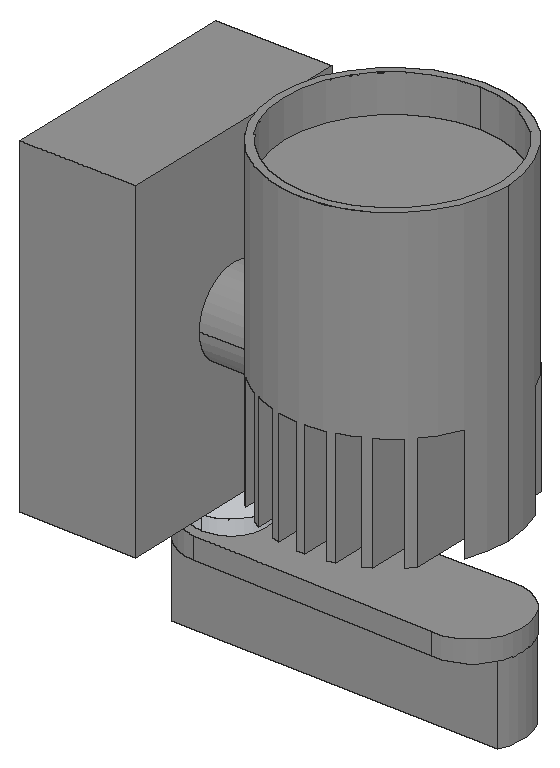
Revit family "2059777 Sylvania Lighting Fixture BEACON MUSE Xicato 3500K O B DIM LS3 White", category Lighting Fixtures, host Face, Revit 2016
Family settings
  Host = Face
  Part Type = Normal
  Round Connector Dimension = Use Diameter
  OmniClass Number = 23.80.70.00
  OmniClass Title = Lighting
  Cut with Voids When Loaded = No
  Light Source = Yes
  Shared = No
  Room Calculation Point = No
Parameters (values of type "2059777 BEACON MUSE XICATO 3500K O/B LS3 WHT")
  head from driver = 52 mm
  driver head distance = 15 mm
  ceiling drop = 180 mm
  Weight = "n/a"
  Wattage Comments = ""
  Wattage = 0 W
  WarrantyStartDate [instance] = "n/a"
  WarrantyGuarantorParts = ""
  WarrantyDurationUnit = "http://www.sylvania-lighting.com"
  WarrantyDurationParts = "n/a"
  WarrantyDescription = "0.95"
  built-in parameter 1150110 = 1 (stored number, unit not read)
  Voltage = 0 V
  URL = "\\\\svlondc02\\data\\R&D_Fixtures_General\\Dialux Admin\\Michael H\\Bim\\All ranges Feilo\\not Completed\\Beacon Xicato\\Beacon Muse Xicato\\2059777.ies"
  TypeName = "BEACON MUSE Xicato 3500K O/B DIM LS3 White"
  Type Image = <None>
  Type Comments = "n/a"
  built-in parameter 1114217 = 1 (stored number, unit not read)
  Tilt Angle = 90.00°
  built-in parameter 1150109 = 1 (stored number, unit not read)
  built-in parameter 1150134 = 3
  built-in parameter 1150113 = 1 (stored number, unit not read)
  SerialNumber [instance] = "n/a"
  Photometric Web File = "2059777.ies"
  Material_3_FEILO = none
  PowerFactor = 0
  PowerConsumption = "0"
  NominalLength = 0 mm
  NominalHeight = 0 mm
  NominalDepth = 0 mm
  Name = "BEACON MUSE Xicato 3500K O/B DIM LS3 White"
  ModelReference = Name  # "BEACON MUSE Xicato 3500K O/B DIM LS3 White"
  ModelNumber = "2059777"
  Model = Name  # "BEACON MUSE Xicato 3500K O/B DIM LS3 White"
  Material = ""
  ManufacturerName = ""
  Manufacturer = ""
  LuminousEfficacy = "100"
  built-in parameter 1150105 = (empty or 0)
  Lumens = 0 lm
  LuminaireType = "369/641 lm"
  built-in parameter 1150115 = 1 (stored number, unit not read)
  Lighting Material = none
  LightOutputRatio = "3"
  built-in parameter 1150137 = (empty or 0)
  built-in parameter 1150139 = (empty or 0)
  Light = none
  LampsType = Lamp  # "n/a"
  LampNominalLuminous = "LED"
  LampMacAdamStep = "16500"
  LampColourTemperature = "n/a"
  LampColourRenderingIndex = "n/a"
  built-in parameter 1150112 = 1 (stored number, unit not read)
  built-in parameter 1150114 = 1 (stored number, unit not read)
  Lamp = "n/a"
  Keynote = "0"
  InstallationDate [instance] = "n/a"
  InputVoltage = "IP20"
  InputNominalFrequency = "IK02"
  built-in parameter 1150132 = (empty or 0)
  built-in parameter 1150102 = (empty or 0)
  built-in parameter 1150107 = 3200 (stored number, unit not read)
  built-in parameter 1150138 = (empty or 0)
  IngressProtection = ""
  ImpactProtectionIndex = "Class II"
  built-in parameter 1150106 = (empty or 0)
  IfcExportType = "IfcLightFixtureType"
  IfcExportAs = "33"
  Head Length [instance] = 142 mm
  ExpectedLife = 50000
  Emit from Circle Diameter = 609.6 mm
  Emit Shape Visible in Rendering = no
  ElectricShockClassification = ""
  built-in parameter 1150104 = 13.8 (stored number, unit not read)
  DurationUnit = "hours"
  Driver Width = 85 mm
  DocumentationLiterature = "http://www.sylvania-lighting.com/product/en-int/products/2059777"
  DimmingControlOptions = "n/a"
  Material_2_FEILO = none
  Dimming Lamp Color Temperature Shift = <None>
  Diameter = 80 mm
  Description = "Integrated LED spotlight with Xicato Artist LED Module, white RAL 9016, unique soft-touch ring, adjustable beam angle from a 8° spot to a 55° flood, compact and minimalist design, ideal for museum, gallery and high-end retail applications, die-cast aluminium body, passive cooling heatsink, beam angle: 8° spot to 52° flood, optics: aspheric glass lens, colour temperature: 3500K warm white, total system power: 20W, total fixture output: 369/641lm, luminaire efficacy: 33lm/W, LOR: 100%, colour rendering: Ra 97 typical, LED Chromacity: 3 step MacAdam ellipse, lifetime: >50,000 hours at L70B50, energy class: A++, A+, A, IR/UV free light source without heat radiation, operating voltage: 220-240V / 50-60Hz, drive current: 700mA, electronic driver, dimmable via on-board potentiometer, power factor: 0.9 electrical protection: CLASS II, 3-circuit track adaptor, suitable for Concord Lytespan 3 track, ingress protection rating: IP20, suitable for internal environment only, horizontal rotation: 355°, vertical tilt: 90°, dimensions: Ø80x135x176mm, weight: 0.95kg"
  Default Elevation = 115 mm
  CreatedOn = "02/07/2019"
  CreatedBy = "@sylvania-lighting.com"
  Cost = 0
  Color Filter = 16777215
  built-in parameter 1114216 [instance] = (empty or 0)
  ClassificationValue = "EF_70_80"
  ClassificationName = "Uniclass2015"
  Material_1_FEILO = none
  BarCode [instance] = "n/a"
  built-in parameter 1114218 = 1 (stored number, unit not read)
  built-in parameter 1150133 = 10 (stored number, unit not read)
  AssetType = "Fixed"
  AssetIdentifier [instance] = "n/a"
  Assembly Code = "D5020200"
  Apparent Load = 20 VA
  Material_4_FEILO = none
  Adaptor Width = 34.952 mm
  Adaptor Pivot = 24.952 mm
  Adaptor Inside Width = 16.53 mm
Reference planes
  plane 1 "Center (Front/Back)": y = 0
  plane 2: z = 0
  plane 3 "Center (Left/Right)": x = 0
  plane 4: y = 40
  plane 5: y = -40
  plane 6: x = -40
  plane 7: x = 40
  plane 8: z = 148
  plane 9: z = -14
  plane 10: x = -72.5
  plane 11: x = -112.5
  plane 12: z = 76
  plane 13: y = 42.5
  plane 14: y = -42.5
  plane 15: y = 17.476
  plane 16: y = -17.476
  plane 17: y = 12.476
  plane 18: y = -12.476
  plane 19: y = 8.265
  plane 20: y = -8.265
  plane 21: z = 5.5
  plane 22: z = 38
  plane 23: x = 35
  plane 24: x = 28
  plane 25: x = 25.5
  plane 26: x = 18.5
  plane 27: x = 16
  plane 28: x = 9
  plane 29: x = 6.5
  plane 30: x = -0.5
  plane 31: x = -3
  plane 32: x = -10
  plane 33: x = -12.5
  plane 34: x = -19.5
  plane 35: x = -22
  plane 36: x = -29
  plane 37: x = -31.5
  plane 38: x = -38.5
Forms (mm)
  Extrusion 1, solid, material "Aluminum", detail levels medium+fine
    sketch origin (0, 0, 0) x (1, 0, 0) y (0, 1, 0)
      loop
        circle (0, 0) r 40
    from 38 to 148
  Extrusion 2, solid, material "Aluminum", detail levels medium+fine
    sketch origin (17.5, 0, 0) x (1, 0, 0) y (0, 1, 0)
      loop
        line (-112.5, 42.5) -> (-112.5, -42.16) -> (-72.5, -42.16) -> (-72.5, 42.5) -> (-112.5, 42.5)
    from 18 to 133
  Extrusion 3, solid, material "Aluminum"
    sketch origin (336.5, 1524, 1219.2) x (0, 1, 0) y (0, 0, 1)
      loop
        circle (-1524, -1143.2) r 15
    from -391.5 to -373.374
  Extrusion 4, solid, detail levels fine
    sketch origin (16.702, -15.316, 18) x (0, 1, 0) y (1, 0, 0)
      loop
        circle (15.34, -72.5) r 12.5
    from 0 to 5
  Extrusion 5, solid, material "Aluminum", detail levels fine
    sketch origin (15.705, -27.856, 13) x (-1, 0, 0) y (0, 1, 0)
      loop
        arc (-11.998, 45.379) -> (-29.497, 27.722) -> (-11.683, 10.382) r 17.5
        line (-11.683, 10.382) -> (71.502, 11.879)
        arc (71.502, 11.879) -> (87.502, 27.879) -> (71.502, 43.879) r 16
        line (71.502, 43.879) -> (-11.998, 45.379)
    from 0 to 7.5
  Extrusion 6, void
    sketch origin (0, 0, 148) x (0, 1, 0) y (1, 0, 0)
      loop
        circle (0, 0) r 37.5
    from 0 to 15
  Extrusion 7, solid, material "Aluminum", detail levels fine
    sketch origin (17.5, 0, 0) x (1, 0, 0) y (0, 1, 0)
      loop
        arc (-87.012, 8.265) -> (-89.298, 0) -> (-87.012, -8.265) r 16.086
        line (-87.012, -8.265) -> (25.615, -8.265)
        arc (25.615, -8.265) -> (27.702, 0) -> (25.615, 8.265) r 17.405
        line (25.615, 8.265) -> (-87.012, 8.265)
    from -21.5 to 5.5
  Extrusion 8, solid, not visible
    sketch origin (0, 0, 0) x (1, 0, 0) y (0, 1, 0)
      loop
        circle (0, 0) r 57.5
    from 48 to 180
  Extrusion 9, void, not visible
    sketch origin (0, 0, 48) x (1, 0, 0) y (0, 1, 0)
      loop
        line (43.7, -85.519) -> (53.7, -85.519) -> (53.7, 68.594) -> (43.7, 68.594) -> (43.7, -85.519)
      loop
        line (39.9, -85.519) -> (39.9, 68.594) -> (29.9, 68.594) -> (29.9, -85.519) -> (39.9, -85.519)
      loop
        line (26.1, -85.519) -> (26.1, 68.594) -> (16.1, 68.594) -> (16.1, -85.519) -> (26.1, -85.519)
      loop
        line (12.3, -85.519) -> (12.3, 68.594) -> (2.3, 68.594) -> (2.3, -85.519) -> (12.3, -85.519)
      loop
        line (-1.5, -85.519) -> (-1.5, 68.594) -> (-11.5, 68.594) -> (-11.5, -85.519) -> (-1.5, -85.519)
      loop
        line (-15.3, -85.519) -> (-15.3, 68.594) -> (-25.3, 68.594) -> (-25.3, -85.519) -> (-15.3, -85.519)
      loop
        line (-29.1, -85.519) -> (-29.1, 68.594) -> (-39.1, 68.594) -> (-39.1, -85.519) -> (-29.1, -85.519)
      loop
        line (-42.9, -85.519) -> (-42.9, 68.594) -> (-52.9, 68.594) -> (-52.9, -85.519) -> (-42.9, -85.519)
    from 0 to 60
  Extrusion 10, solid, not visible
    sketch origin (319, 1524, 1219.2) x (0, 1, 0) y (0, 0, 1)
      loop
        circle (-1524, -1143.2) r 15
    from -391.5 to -361.9
  Extrusion 11, void, not visible
    sketch origin (0, 0, 180) x (0, 1, 0) y (1, 0, 0)
      loop
        circle (0, 0) r 53
    from 0 to 15
  Extrusion 12, solid, not visible
    sketch origin (0, 0, 0) x (1, 0, 0) y (0, 1, 0)
      loop
        circle (0, 0) r 57.5
    from 48 to 180
  Extrusion 13, solid, not visible
    sketch origin (0, 0, 0) x (1, 0, 0) y (0, 1, 0)
      loop
        line (-112.5, 42.5) -> (-112.5, -42.16) -> (-72.5, -42.16) -> (-72.5, 42.5) -> (-112.5, 42.5)
    from 18 to 133
  Extrusion 14, void, not visible
    sketch origin (0, 0, 48) x (1, 0, 0) y (0, 1, 0)
      loop
        line (43.7, -85.519) -> (53.7, -85.519) -> (53.7, 68.594) -> (43.7, 68.594) -> (43.7, -85.519)
      loop
        line (39.9, -85.519) -> (39.9, 68.594) -> (29.9, 68.594) -> (29.9, -85.519) -> (39.9, -85.519)
      loop
        line (26.1, -85.519) -> (26.1, 68.594) -> (16.1, 68.594) -> (16.1, -85.519) -> (26.1, -85.519)
      loop
        line (12.3, -85.519) -> (12.3, 68.594) -> (2.3, 68.594) -> (2.3, -85.519) -> (12.3, -85.519)
      loop
        line (-1.5, -85.519) -> (-1.5, 68.594) -> (-11.5, 68.594) -> (-11.5, -85.519) -> (-1.5, -85.519)
      loop
        line (-15.3, -85.519) -> (-15.3, 68.594) -> (-25.3, 68.594) -> (-25.3, -85.519) -> (-15.3, -85.519)
      loop
        line (-29.1, -85.519) -> (-29.1, 68.594) -> (-39.1, 68.594) -> (-39.1, -85.519) -> (-29.1, -85.519)
      loop
        line (-42.9, -85.519) -> (-42.9, 68.594) -> (-52.9, 68.594) -> (-52.9, -85.519) -> (-42.9, -85.519)
    from 0 to 60
  Extrusion 15, solid, not visible
    sketch origin (319, 1524, 1219.2) x (0, 1, 0) y (0, 0, 1)
      loop
        circle (-1524, -1143.2) r 15
    from -391.5 to -361.9
  Extrusion 16, void, not visible
    sketch origin (0, 0, 180) x (0, 1, 0) y (1, 0, 0)
      loop
        circle (0, 0) r 53
    from 0 to 15
  Extrusion 17, solid, not visible
    sketch origin (0, 0, 0) x (1, 0, 0) y (0, 1, 0)
      loop
        circle (0, 0) r 57.5
    from 48 to 180
  Extrusion 18, solid, not visible
    sketch origin (0, 0, 0) x (1, 0, 0) y (0, 1, 0)
      loop
        line (-112.5, 42.5) -> (-112.5, -42.16) -> (-72.5, -42.16) -> (-72.5, 42.5) -> (-112.5, 42.5)
    from 18 to 133
  Extrusion 19, void, not visible
    sketch origin (0, 0, 48) x (1, 0, 0) y (0, 1, 0)
      loop
        line (43.7, -85.519) -> (53.7, -85.519) -> (53.7, 68.594) -> (43.7, 68.594) -> (43.7, -85.519)
      loop
        line (39.9, -85.519) -> (39.9, 68.594) -> (29.9, 68.594) -> (29.9, -85.519) -> (39.9, -85.519)
      loop
        line (26.1, -85.519) -> (26.1, 68.594) -> (16.1, 68.594) -> (16.1, -85.519) -> (26.1, -85.519)
      loop
        line (12.3, -85.519) -> (12.3, 68.594) -> (2.3, 68.594) -> (2.3, -85.519) -> (12.3, -85.519)
      loop
        line (-1.5, -85.519) -> (-1.5, 68.594) -> (-11.5, 68.594) -> (-11.5, -85.519) -> (-1.5, -85.519)
      loop
        line (-15.3, -85.519) -> (-15.3, 68.594) -> (-25.3, 68.594) -> (-25.3, -85.519) -> (-15.3, -85.519)
      loop
        line (-29.1, -85.519) -> (-29.1, 68.594) -> (-39.1, 68.594) -> (-39.1, -85.519) -> (-29.1, -85.519)
      loop
        line (-42.9, -85.519) -> (-42.9, 68.594) -> (-52.9, 68.594) -> (-52.9, -85.519) -> (-42.9, -85.519)
    from 0 to 60
  Extrusion 20, solid, not visible
    sketch origin (319, 1524, 1219.2) x (0, 1, 0) y (0, 0, 1)
      loop
        circle (-1524, -1143.2) r 15
    from -391.5 to -361.9
  Extrusion 21, solid, not visible
    sketch origin (-0.798, -15.316, 18) x (0, 1, 0) y (1, 0, 0)
      loop
        circle (15.34, -72.5) r 12.5
    from 0 to 5
  Extrusion 22, solid, not visible
    sketch origin (-1.795, -27.856, 13) x (-1, 0, 0) y (0, 1, 0)
      loop
        arc (-11.998, 45.379) -> (-29.497, 27.722) -> (-11.683, 10.382) r 17.5
        line (-11.683, 10.382) -> (71.502, 11.879)
        arc (71.502, 11.879) -> (87.502, 27.879) -> (71.502, 43.879) r 16
        line (71.502, 43.879) -> (-11.998, 45.379)
    from 0 to 7.5
  Extrusion 23, void, not visible
    sketch origin (0, 0, 180) x (0, 1, 0) y (1, 0, 0)
      loop
        circle (0, 0) r 53
    from 0 to 15
  Extrusion 24, solid, not visible
    sketch origin (0, 0, 0) x (1, 0, 0) y (0, 1, 0)
      loop
        circle (0, 0) r 57.5
    from 48 to 180
  Extrusion 25, solid, not visible
    sketch origin (0, 0, 0) x (1, 0, 0) y (0, 1, 0)
      loop
        line (-112.5, 42.5) -> (-112.5, -42.16) -> (-72.5, -42.16) -> (-72.5, 42.5) -> (-112.5, 42.5)
    from 18 to 133
  Extrusion 26, void, not visible
    sketch origin (0, 0, 48) x (1, 0, 0) y (0, 1, 0)
      loop
        line (43.7, -85.519) -> (53.7, -85.519) -> (53.7, 68.594) -> (43.7, 68.594) -> (43.7, -85.519)
      loop
        line (39.9, -85.519) -> (39.9, 68.594) -> (29.9, 68.594) -> (29.9, -85.519) -> (39.9, -85.519)
      loop
        line (26.1, -85.519) -> (26.1, 68.594) -> (16.1, 68.594) -> (16.1, -85.519) -> (26.1, -85.519)
      loop
        line (12.3, -85.519) -> (12.3, 68.594) -> (2.3, 68.594) -> (2.3, -85.519) -> (12.3, -85.519)
      loop
        line (-1.5, -85.519) -> (-1.5, 68.594) -> (-11.5, 68.594) -> (-11.5, -85.519) -> (-1.5, -85.519)
      loop
        line (-15.3, -85.519) -> (-15.3, 68.594) -> (-25.3, 68.594) -> (-25.3, -85.519) -> (-15.3, -85.519)
      loop
        line (-29.1, -85.519) -> (-29.1, 68.594) -> (-39.1, 68.594) -> (-39.1, -85.519) -> (-29.1, -85.519)
      loop
        line (-42.9, -85.519) -> (-42.9, 68.594) -> (-52.9, 68.594) -> (-52.9, -85.519) -> (-42.9, -85.519)
    from 0 to 60
  Extrusion 27, solid, not visible
    sketch origin (319, 1524, 1219.2) x (0, 1, 0) y (0, 0, 1)
      loop
        circle (-1524, -1143.2) r 15
    from -391.5 to -361.9
  Extrusion 28, solid, not visible
    sketch origin (-0.798, -15.316, 18) x (0, 1, 0) y (1, 0, 0)
      loop
        circle (15.34, -72.5) r 12.5
    from 0 to 5
  Extrusion 29, solid, not visible
    sketch origin (-1.795, -27.856, 13) x (-1, 0, 0) y (0, 1, 0)
      loop
        arc (-11.998, 45.379) -> (-29.497, 27.722) -> (-11.683, 10.382) r 17.5
        line (-11.683, 10.382) -> (71.502, 11.879)
        arc (71.502, 11.879) -> (87.502, 27.879) -> (71.502, 43.879) r 16
        line (71.502, 43.879) -> (-11.998, 45.379)
    from 0 to 7.5
  Extrusion 30, void, not visible
    sketch origin (0, 0, 180) x (0, 1, 0) y (1, 0, 0)
      loop
        circle (0, 0) r 53
    from 0 to 15
  Extrusion 31, solid, not visible
    sketch origin (0, 0, 0) x (1, 0, 0) y (0, 1, 0)
      loop
        arc (-87.012, 8.265) -> (-89.298, 0) -> (-87.012, -8.265) r 16.086
        line (-87.012, -8.265) -> (25.615, -8.265)
        arc (25.615, -8.265) -> (27.702, 0) -> (25.615, 8.265) r 17.405
        line (25.615, 8.265) -> (-87.012, 8.265)
    from -21.5 to 5.5
  Extrusion 32, solid, material "Glass, White, High Luminance", detail levels medium+fine
    sketch origin (0, 0, 133) x (0, 1, 0) y (-1, 0, 0)
      loop
        circle (0, 0) r 37.5
    from 0 to 2
  Extrusion 33, void
    sketch origin (2, 0, 38) x (1, 0, 0) y (0, 1, 0)
      loop
        line (35, 50.956) -> (28, 50.956) -> (28, -46.879) -> (35, -46.879) -> (35, 50.956)
      loop
        line (25.5, 50.956) -> (18.5, 50.956) -> (18.5, -46.879) -> (25.5, -46.879) -> (25.5, 50.956)
      loop
        line (9, 50.956) -> (9, -46.879) -> (16, -46.879) -> (16, 50.956) -> (9, 50.956)
      loop
        line (-0.316, 50.956) -> (-0.316, -46.879) -> (6.5, -46.879) -> (6.5, 50.956) -> (-0.316, 50.956)
      loop
        line (-10, 50.956) -> (-10, -46.879) -> (-3, -46.879) -> (-3, 50.956) -> (-10, 50.956)
      loop
        line (-19.5, 50.956) -> (-19.5, -46.879) -> (-12.5, -46.879) -> (-12.5, 50.956) -> (-19.5, 50.956)
      loop
        line (-29, 50.956) -> (-29, -46.879) -> (-22, -46.879) -> (-22, 50.956) -> (-29, 50.956)
      loop
        line (-38.5, 50.956) -> (-38.5, -46.879) -> (-31.5, -46.879) -> (-31.5, 50.956) -> (-38.5, 50.956)
    from 0 to 40
  Extrusion 34, solid, detail levels coarse
    sketch origin (0, 0, 148) x (1, 0, 0) y (0, 1, 0)
      loop
        line (-95, 42.5) -> (-95, -42.16) -> (45, -42.16) -> (45, 42.5) -> (-95, 42.5)
    from -169.5 to 0
Cuts and joins
  Extrusion 6, Extrusion 33 cuts Extrusion 1
Lines and regions (mm)
  reference lines
    curve 1: line (-55.798, 12.524, 13) -> (-55.798, -12.476, 13)
    curve 2: line (-43.298, -15.316, 13) -> (-68.298, -15.316, 13)
  reference lines, not visible
    curve 3: line (-73.298, 12.524, 13) -> (-73.298, -12.476, 13)
    curve 4: line (-60.798, -15.316, 13) -> (-85.798, -15.316, 13)
    curve 5: line (-73.298, 12.524, 13) -> (-73.298, -12.476, 13)
    curve 6: line (-60.798, -15.316, 13) -> (-85.798, -15.316, 13)
Dimensions and locks
  "Diameter": plane 6 to plane 7
  equal spacing: plane 6, plane 3 "Center (Left/Right)", plane 7
  "Diameter": plane 4 to plane 5
  equal spacing: plane 4, plane 1 "Center (Front/Back)", plane 5
  plane 8 to level = 148 mm
  locked: plane 8 to plane 9 at 162
  "Driver Width": plane 13 to plane 14
  equal spacing: plane 13, plane 1 "Center (Front/Back)", plane 14
  "Adaptor Width": plane 15 to plane 16
  "Adaptor Pivot": plane 17 to plane 18
  equal spacing: plane 17, plane 1 "Center (Front/Back)", plane 18
  "Adaptor Inside Width": plane 19 to plane 20
  equal spacing: plane 19, plane 1 "Center (Front/Back)", plane 20
  "head from driver": plane 22 to plane 9
  aligned and locked: plane 2 to host face
  aligned and locked: level to host face
  aligned and locked: Extrusion 1 to plane 22
Automatic sketch dimensions
  host sketch curve to host sketch curve = 2438.4 mm  (x2)
  Extrusion 5 sketch curve to Extrusion 5 sketch curve = 83.185 mm
  Extrusion 5 sketch curve to Extrusion 5 sketch curve = 0.315 mm
  Extrusion 5 sketch curve to Extrusion 5 sketch curve = 1.5 mm
  Extrusion 5 sketch curve to Extrusion 5 sketch curve = 17.5 mm
  Extrusion 7 sketch curve to Extrusion 7 sketch curve = 15.318 mm
  Extrusion 9 sketch curve to Extrusion 9 sketch curve = 10 mm  (x8)
  Extrusion 9 sketch curve to Extrusion 9 sketch curve = 3.8 mm  (x7)
  Extrusion 9 sketch curve to Extrusion 9 sketch curve = 0 mm  (x14)
  Extrusion 9 sketch curve to Extrusion 9 sketch curve = 154.113 mm
  Extrusion 2 sketch curve to Extrusion 2 sketch curve = 40 mm
  Extrusion 2 sketch curve to Extrusion 2 sketch curve = 84.66 mm
  Extrusion 14 sketch curve to Extrusion 14 sketch curve = 10 mm  (x8)
  Extrusion 14 sketch curve to Extrusion 14 sketch curve = 3.8 mm  (x7)
  Extrusion 14 sketch curve to Extrusion 14 sketch curve = 0 mm  (x14)
  Extrusion 14 sketch curve to Extrusion 14 sketch curve = 154.113 mm
  Extrusion 13 sketch curve to Extrusion 13 sketch curve = 40 mm
  Extrusion 13 sketch curve to Extrusion 13 sketch curve = 84.66 mm
  Extrusion 19 sketch curve to Extrusion 19 sketch curve = 10 mm  (x8)
  Extrusion 19 sketch curve to Extrusion 19 sketch curve = 3.8 mm  (x7)
  Extrusion 19 sketch curve to Extrusion 19 sketch curve = 0 mm  (x14)
  Extrusion 19 sketch curve to Extrusion 19 sketch curve = 154.113 mm
  Extrusion 22 sketch curve to Extrusion 22 sketch curve = 83.185 mm
  Extrusion 22 sketch curve to Extrusion 22 sketch curve = 0.315 mm
  Extrusion 22 sketch curve to Extrusion 22 sketch curve = 1.5 mm
  Extrusion 22 sketch curve to Extrusion 22 sketch curve = 17.5 mm
  Extrusion 18 sketch curve to Extrusion 18 sketch curve = 40 mm
  Extrusion 18 sketch curve to Extrusion 18 sketch curve = 84.66 mm
  Extrusion 7 sketch curve to Extrusion 7 sketch curve = 0 mm  (x2)
  Extrusion 7 sketch curve to Extrusion 7 sketch curve = 13.8 mm
  Extrusion 7 sketch curve to Extrusion 7 sketch curve = 83.509 mm
  Extrusion 7 sketch curve to Extrusion 7 sketch curve = 8.265 mm
  Extrusion 26 sketch curve to Extrusion 26 sketch curve = 10 mm  (x8)
  Extrusion 26 sketch curve to Extrusion 26 sketch curve = 3.8 mm  (x7)
  Extrusion 26 sketch curve to Extrusion 26 sketch curve = 0 mm  (x14)
  Extrusion 26 sketch curve to Extrusion 26 sketch curve = 154.113 mm
  Extrusion 29 sketch curve to Extrusion 29 sketch curve = 83.185 mm
  Extrusion 29 sketch curve to Extrusion 29 sketch curve = 0.315 mm
  Extrusion 29 sketch curve to Extrusion 29 sketch curve = 1.5 mm
  Extrusion 29 sketch curve to Extrusion 29 sketch curve = 17.5 mm
  Extrusion 31 sketch curve to Extrusion 31 sketch curve = 15.318 mm
  Extrusion 25 sketch curve to Extrusion 25 sketch curve = 40 mm
  Extrusion 25 sketch curve to Extrusion 25 sketch curve = 84.66 mm
  Extrusion 31 sketch curve to Extrusion 31 sketch curve = 0 mm  (x2)
  Extrusion 31 sketch curve to Extrusion 31 sketch curve = 13.8 mm
  Extrusion 31 sketch curve to Extrusion 31 sketch curve = 83.509 mm
  Extrusion 31 sketch curve to Extrusion 31 sketch curve = 8.265 mm
  Extrusion 7 sketch curve to plane 19 = 0 mm
  plane 10 to Extrusion 7 sketch curve = 2.988 mm
  Extrusion 2 to Extrusion 4 sketch curve = 0.798 mm
  Extrusion 2 to Extrusion 4 sketch curve = 42.184 mm
  curve 2 to curve 1 = 2.84 mm
  curve 1 to curve 1 = 25 mm
  curve 2 to curve 1 = 12.5 mm
  curve 1 to curve 2 = 12.5 mm
  plane 11 to Extrusion 2 sketch curve = 17.5 mm
  plane 13 to Extrusion 2 sketch curve = 0 mm
  plane 1 "Center (Front/Back)" to Extrusion 1 sketch curve = 0 mm
  Extrusion 1 sketch curve to plane 3 "Center (Left/Right)" = 0 mm
  Extrusion 3 sketch curve to plane 1 "Center (Front/Back)" = 0 mm
  plane 12 to Extrusion 3 sketch curve = 0 mm
  Extrusion 33 sketch curve to Extrusion 33 sketch curve = 7 mm  (x7)
  Extrusion 33 sketch curve to Extrusion 33 sketch curve = 2.5 mm  (x6)
  Extrusion 33 sketch curve to Extrusion 33 sketch curve = 2.684 mm
  Extrusion 33 sketch curve to Extrusion 33 sketch curve = 6.816 mm
  Extrusion 33 sketch curve to Extrusion 33 sketch curve = 0 mm  (x14)
  Extrusion 33 sketch curve to Extrusion 33 sketch curve = 97.836 mm
  Extrusion 34 sketch curve to Extrusion 34 sketch curve = 140 mm
  Extrusion 34 sketch curve to Extrusion 34 sketch curve = 84.66 mm
  radius of Extrusion 1 sketch curve = 40 mm
  radius of Extrusion 3 sketch curve = 15 mm
  radius of Extrusion 4 sketch curve = 12.5 mm
  radius of Extrusion 4 to Extrusion 5 sketch curve = 3.5 mm
  radius of Extrusion 6 sketch curve = 37.5 mm
  radius of Extrusion 8 sketch curve = 57.5 mm
  radius of Extrusion 10 sketch curve = 15 mm
  radius of Extrusion 11 sketch curve = 53 mm
  radius of Extrusion 12 sketch curve = 57.5 mm
  radius of Extrusion 15 sketch curve = 15 mm
  radius of Extrusion 16 sketch curve = 53 mm
  radius of Extrusion 17 sketch curve = 57.5 mm
  radius of Extrusion 20 sketch curve = 15 mm
  radius of Extrusion 21 sketch curve = 12.5 mm
  radius of Extrusion 21 to Extrusion 22 sketch curve = 3.5 mm
  radius of Extrusion 23 sketch curve = 53 mm
  radius of Extrusion 24 sketch curve = 57.5 mm
  radius of Extrusion 27 sketch curve = 15 mm
  radius of Extrusion 28 sketch curve = 12.5 mm
  radius of Extrusion 28 to Extrusion 29 sketch curve = 3.5 mm
  radius of Extrusion 30 sketch curve = 53 mm
  radius of Extrusion 32 sketch curve to Extrusion 6 = 0 mm
Connectors
  electrical at (-13.199, 0, -21.5)
    settings: on Extrusion 7, index 1, voltage 0 V, apparent load 0 VA, apparent load phase1 0 VA, apparent load phase2 0 VA, apparent load phase3 0 VA, power factor 1, load classification "Other", number of poles 1, system type 31, power factor state 1, is connector primary yes, connector utility no, sub classification motor no, connector description ""
